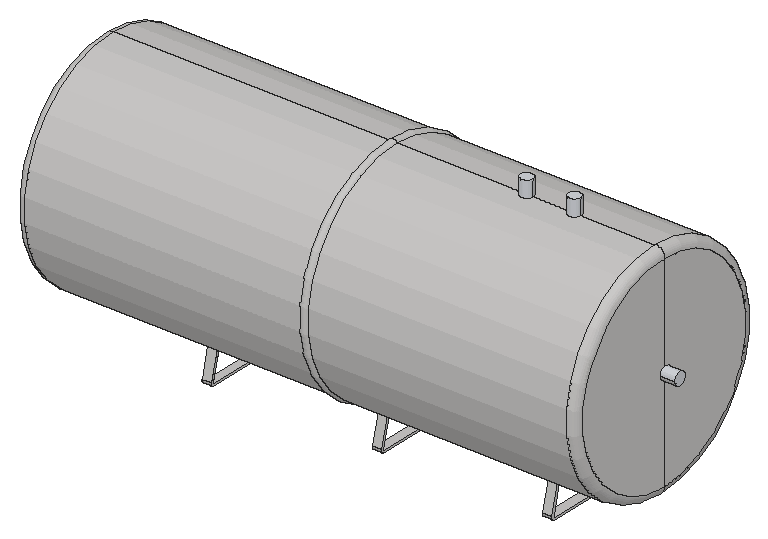
Revit family
Parameters (values of type "1860 X 720 X 870")
  Return Radius = Return Diameter / 2  # 20 mm
  Outlet Pipe Radius = Outlet Pipe Diameter / 2  # 20 mm
  Inlet Pipe Radius = Inlet Pipe Diameter / 2  # 20 mm
  Inlet Pipe Diameter = 40 mm
  Outlet Pipe Diameter = 40 mm
  Return Diameter = 40 mm
  Heater Diameter = 720 mm
  URL = "http://www.autospec.co.za/browse.php?id=1937216687"
  Product Code = "MF450H"
  Operating Pressure = 400 kPa
  OmniClass Title = ""
  OmniClass Number = ""
  Modspec Classification = ""
  Specification = ""
  Material = Galvanised Steel
  Mass = "129 Kg"
  Location (revit room) = ""
  Model = "Water Heater Megaflo Horizontal - 450 Litre"
  Manufacturer = "Kwikot"  # constant formula
  Length = 1860 mm
  Height = 870 mm
  Element Rating = 12 kW
  Cap Material = none
  Colour = none
  Capacity = 450.00 L
  Body Finish = none
  Assembly Code = "D3010500"
Reference planes
  plane 1 "Center (Front/Back)": y = 0
  plane 2 "Bottom": z = 0
  plane 3 "Center (Left/Right)": x = 0
  plane 4 "Right": x = 1860
  plane 5: y = 720
  plane 6 "Top": z = 870
  plane 7: x = 990
  plane 8: x = 1810
  plane 9: y = 360
  plane 10: x = 1540
  plane 11: x = 440
  plane 12: y = 495
  plane 13: y = 225
  plane 14: z = 820
  plane 15: z = 100
  plane 16: z = 460
Forms (mm)
  Revolve 1, solid, material "Galvanised Steel" <- "Material"
    sketch origin (4267.2, 360, 635.249) x (0, 0, 1) y (1, 0, 0)
      loop
        line (-175.249, -4267.2) -> (154.751, -4267.2)
        arc (154.751, -4267.2) -> (175.965, -4258.413) -> (184.751, -4237.2) r 30
        line (184.751, -4237.2) -> (184.751, -3347.2)
        arc (184.751, -3347.2) -> (191.46, -3334.7) -> (184.751, -3322.2) r 15
        line (184.751, -3322.2) -> (184.751, -2487.2)
        arc (184.751, -2487.2) -> (175.965, -2465.987) -> (154.751, -2457.2) r 30
        line (154.751, -2457.2) -> (-175.249, -2457.2) -> (-175.249, -4267.2)
      axis (-175.249, -4267.2) -> (-175.249, -2457.2)
    angle from 0 to 360
  Extrusion 2, solid, material "Galvanised Steel" <- "Material"
    sketch origin (440, -1524, -304.8) x (0, 0, -1) y (0, -1, 0)
      loop
        line (-454.8, -1786.146) -> (-454.8, -1791.322) -> (-316.094, -1754.156)
        arc (-316.094, -1754.156) -> (-311.756, -1755.019) -> (-309.8, -1758.985) r 5
        line (-309.8, -1758.985) -> (-309.8, -2009.015)
        arc (-309.8, -2009.015) -> (-311.756, -2012.981) -> (-316.094, -2013.844) r 5
        line (-316.094, -2013.844) -> (-454.8, -1976.678) -> (-454.8, -1981.854) -> (-317.388, -2018.674)
        arc (-317.388, -2018.674) -> (-308.712, -2016.948) -> (-304.8, -2009.015) r 10
        line (-304.8, -2009.015) -> (-304.8, -1758.985)
        arc (-304.8, -1758.985) -> (-308.712, -1751.052) -> (-317.388, -1749.326) r 10
        line (-317.388, -1749.326) -> (-454.8, -1786.146)
    from -15 to 15
  Extrusion 3, solid, material "Galvanised Steel" <- "Material"
    sketch origin (990, -1524, -304.8) x (0, 0, -1) y (0, -1, 0)
      loop
        line (-454.8, -1786.146) -> (-454.8, -1791.322) -> (-316.094, -1754.156)
        arc (-316.094, -1754.156) -> (-311.756, -1755.019) -> (-309.8, -1758.985) r 5
        line (-309.8, -1758.985) -> (-309.8, -2009.015)
        arc (-309.8, -2009.015) -> (-311.756, -2012.981) -> (-316.094, -2013.844) r 5
        line (-316.094, -2013.844) -> (-454.8, -1976.678) -> (-454.8, -1981.854) -> (-317.388, -2018.674)
        arc (-317.388, -2018.674) -> (-308.712, -2016.948) -> (-304.8, -2009.015) r 10
        line (-304.8, -2009.015) -> (-304.8, -1758.985)
        arc (-304.8, -1758.985) -> (-308.712, -1751.052) -> (-317.388, -1749.326) r 10
        line (-317.388, -1749.326) -> (-454.8, -1786.146)
    from -15 to 15
  Extrusion 4, solid, material "Galvanised Steel" <- "Material"
    sketch origin (1540, -1524, -304.8) x (0, 0, -1) y (0, -1, 0)
      loop
        line (-454.8, -1786.146) -> (-454.8, -1791.322) -> (-316.094, -1754.156)
        arc (-316.094, -1754.156) -> (-311.756, -1755.019) -> (-309.8, -1758.985) r 5
        line (-309.8, -1758.985) -> (-309.8, -2009.015)
        arc (-309.8, -2009.015) -> (-311.756, -2012.981) -> (-316.094, -2013.844) r 5
        line (-316.094, -2013.844) -> (-454.8, -1976.678) -> (-454.8, -1981.854) -> (-317.388, -2018.674)
        arc (-317.388, -2018.674) -> (-308.712, -2016.948) -> (-304.8, -2009.015) r 10
        line (-304.8, -2009.015) -> (-304.8, -1758.985)
        arc (-304.8, -1758.985) -> (-308.712, -1751.052) -> (-317.388, -1749.326) r 10
        line (-317.388, -1749.326) -> (-454.8, -1786.146)
    from -15 to 15
  Extrusion 5, solid
    sketch origin (1810, -399, 1200) x (0, -1, 0) y (0, 0, 1)
      loop
        circle (-759, -740) r 20
    from 0 to -50
  Extrusion 6, solid
    sketch origin (-194.22, -1524, 870) x (-1, 0, 0) y (0, -1, 0)
      loop
        circle (-1714.22, -1884) r 20
    from 0 to -50
  Extrusion 7, solid
    sketch origin (-194.22, -1524, 870) x (-1, 0, 0) y (0, -1, 0)
      loop
        circle (-1559.22, -1884) r 20
    from 0 to -50
  Extrusion 8, solid
    sketch origin (-194.22, -1524, 100) x (-1, 0, 0) y (0, -1, 0)
      loop
        circle (-524.22, -1884) r 20
    from 0 to -40
  Extrusion 9, solid, material "Galvanised Steel"
    sketch origin (0, 0, 0) x (0, 1, 0) y (0, 0, 1)
      loop
        line (450, 350) -> (270, 350)
        arc (270, 350) -> (262.929, 347.071) -> (260, 340) r 10
        line (260, 340) -> (260, 160)
        arc (260, 160) -> (262.929, 152.929) -> (270, 150) r 10
        line (270, 150) -> (450, 150)
        arc (450, 150) -> (457.071, 152.929) -> (460, 160) r 10
        line (460, 160) -> (460, 340)
        arc (460, 340) -> (457.071, 347.071) -> (450, 350) r 10
    from 0 to -5
  Extrusion 10, solid, material "Galvanised Steel"
    sketch origin (0, 0, 0) x (0, 1, 0) y (0, 0, 1)
      loop
        line (645, 560) -> (595, 560) -> (595, 460) -> (645, 460) -> (645, 560)
    from 0 to -100
Cuts and joins
  joined: Revolve 1, Extrusion 2, Extrusion 3, Extrusion 4
Lines and regions (mm)
  symbolic lines
    curve 1: line (-100, 595, 870) -> (0, 595, 870)
    curve 2: line (0, 645, 870) -> (-100, 645, 870)
    curve 4: line (0, 690, 870) -> (0, 30, 870)
    curve 5: line (30, 720, 870) -> (1780, 720, 870)
    curve 6: line (1780, 0, 870) -> (30, 0, 870)
    curve 7: line (1810, 30, 870) -> (1810, 690, 870)
    curve 8: arc (0, 690, 870) -> (8.787, 711.213, 870) -> (30, 720, 870) r 30
    curve 9: arc (1810, 690, 870) -> (1801.213, 711.213, 870) -> (1780, 720, 870) r 30
    curve 10: arc (1780, 0, 870) -> (1801.213, 8.787, 870) -> (1810, 30, 870) r 30
    curve 11: arc (30, 0, 870) -> (8.787, 8.787, 870) -> (0, 30, 870) r 30
    curve 18: line (1860, 340, 870) -> (1860, 380, 870)
    curve 19: line (1860, 380, 870) -> (1810, 380, 870)
    curve 20: line (1860, 340, 870) -> (1810, 340, 870)
    curve 21: line (-100, 645, 870) -> (-100, 595, 870)
  symbolic lines, detail levels fine
    curve 3: line (-5, 460, 870) -> (-5, 260, 870)
    curve 12: arc (310, 360, 870) -> (330, 340, 870) -> (350, 360, 870) r 20
    curve 13: arc (350, 360, 870) -> (330, 380, 870) -> (310, 360, 870) r 20
    curve 14: arc (1345, 360, 870) -> (1365, 340, 870) -> (1385, 360, 870) r 20
    curve 15: arc (1385, 360, 870) -> (1365, 380, 870) -> (1345, 360, 870) r 20
    curve 16: arc (1500, 360, 870) -> (1520, 340, 870) -> (1540, 360, 870) r 20
    curve 17: arc (1540, 360, 870) -> (1520, 380, 870) -> (1500, 360, 870) r 20
    curve 22: line (-5, 460, 870) -> (0, 460, 870)
    curve 23: line (-5, 260, 870) -> (0, 260, 870)
Dimensions and locks
  "Height": plane 6 "Top" to plane 2 "Bottom"
  "Heater Diameter": plane 1 "Center (Front/Back)" to plane 5
  equal spacing: plane 5, plane 9, plane 1 "Center (Front/Back)"
  plane 6 "Top" to plane 14 = 50 mm
  plane 8 to plane 4 "Right" = 50 mm
  "Length": plane 3 "Center (Left/Right)" to plane 4 "Right"
  "Heater Diameter": plane 14 to plane 15
  plane 3 "Center (Left/Right)" to plane 11 = 440 mm
  plane 11 to plane 7 = 550 mm
  plane 7 to plane 10 = 550 mm
  equal spacing: plane 14, plane 16, plane 15
  plane 13 to plane 12 = 270 mm
  equal spacing: plane 13, plane 9, plane 12
  Extrusion 2 sketch curve to plane 15 = 50 mm
  Extrusion 6 sketch curve to plane 8 = 290 mm
  Extrusion 7 sketch curve to plane 8 = 445 mm
  Extrusion 8 sketch curve to plane 11 = 110 mm
  "Return Radius": radius of Extrusion 5 sketch curve
  radius of Extrusion 6 sketch curve = 20 mm
  "Inlet Pipe Radius": radius of Extrusion 8 sketch curve
  "Outlet Pipe Radius": radius of Extrusion 7 sketch curve
  aligned and locked: level to plane 2 "Bottom"
  aligned and locked: plane 16 to Revolve 1 sketch curve  (x2)
  aligned and locked: plane 3 "Center (Left/Right)" to Revolve 1 sketch curve
  aligned and locked: Revolve 1 sketch curve to plane 14
  aligned and locked: plane 8 to Revolve 1 sketch curve
  aligned and locked: Extrusion 2 sketch curve to level
  aligned and locked: plane 16 to Extrusion 5 sketch curve
  aligned and locked: plane 9 to Extrusion 5 sketch curve
  aligned and locked: Extrusion 5 to plane 4 "Right"
  aligned and locked: plane 8 to Extrusion 5
  aligned and locked: plane 9 to Extrusion 6 sketch curve
  aligned and locked: Extrusion 6 to plane 14
  aligned and locked: plane 6 "Top" to Extrusion 6
  aligned and locked: plane 9 to Extrusion 7 sketch curve
  aligned and locked: plane 6 "Top" to Extrusion 7
  aligned and locked: Extrusion 7 to plane 14
  aligned and locked: plane 9 to Extrusion 8 sketch curve
  aligned: Extrusion 8 to plane 2 "Bottom"
  aligned and locked: plane 15 to Extrusion 8
  aligned and locked: plane 16 to Extrusion 10 sketch curve
  aligned and locked: curve 1 to Extrusion 10
  aligned and locked: curve 2 to Extrusion 10
  aligned and locked: curve 3 to Extrusion 9
  aligned and locked: curve 4 to plane 3 "Center (Left/Right)"
  aligned and locked: curve 5 to plane 5
  aligned and locked: curve 6 to plane 1 "Center (Front/Back)"
  aligned and locked: curve 7 to plane 8
  aligned and locked: curve 12 to Extrusion 8
  aligned and locked: curve 13 to Extrusion 8
  aligned and locked: curve 14 to Extrusion 7
  aligned and locked: curve 15 to Extrusion 7
  aligned and locked: curve 16 to Extrusion 6
  aligned and locked: curve 17 to Extrusion 6
  aligned and locked: curve 18 to Extrusion 5
  aligned and locked: curve 21 to Extrusion 10
  aligned and locked: curve 22 to Extrusion 9
  aligned and locked: curve 23 to Extrusion 9
Automatic sketch dimensions
  Extrusion 2 sketch curve to Extrusion 2 sketch curve = 0 mm  (x4)
  plane 15 to Extrusion 2 sketch curve = 50 mm
  Extrusion 2 sketch curve to plane 12 = 0.326 mm
  level to Extrusion 2 sketch curve = 12.588 mm  (x2)
  plane 13 to Extrusion 2 sketch curve = 0.326 mm
  Extrusion 2 sketch curve to Extrusion 2 sketch curve = 1.294 mm  (x4)
  Extrusion 2 sketch curve to Extrusion 2 sketch curve = 5 mm
  Extrusion 2 sketch curve to plane 12 = 37.146 mm
  Extrusion 2 sketch curve to Extrusion 2 sketch curve = 5.176 mm  (x2)
  plane 13 to Extrusion 2 sketch curve = 42.322 mm
  Extrusion 3 sketch curve to Extrusion 3 sketch curve = 0 mm  (x4)
  Extrusion 3 sketch curve to level = 0 mm
  level to Extrusion 3 sketch curve = 5 mm
  Extrusion 3 sketch curve to Extrusion 3 sketch curve = 5 mm  (x2)
  Extrusion 3 sketch curve to Extrusion 3 sketch curve = 1.294 mm  (x3)
  Extrusion 3 sketch curve to plane 12 = 5.156 mm
  plane 13 to Extrusion 3 sketch curve = 0.326 mm
  Extrusion 3 sketch curve to plane 12 = 0.326 mm
  plane 15 to Extrusion 3 sketch curve = 50 mm  (x2)
  Extrusion 3 sketch curve to plane 12 = 37.146 mm
  Extrusion 3 sketch curve to Extrusion 3 sketch curve = 5.176 mm  (x2)
  plane 13 to Extrusion 3 sketch curve = 42.322 mm
  Extrusion 4 sketch curve to Extrusion 4 sketch curve = 0 mm  (x4)
  Extrusion 4 sketch curve to level = 0 mm
  level to Extrusion 4 sketch curve = 5 mm
  Extrusion 4 sketch curve to Extrusion 4 sketch curve = 5 mm  (x2)
  Extrusion 4 sketch curve to Extrusion 4 sketch curve = 1.294 mm  (x3)
  Extrusion 4 sketch curve to plane 12 = 5.156 mm
  plane 13 to Extrusion 4 sketch curve = 0.326 mm
  Extrusion 4 sketch curve to plane 12 = 0.326 mm
  plane 15 to Extrusion 4 sketch curve = 50 mm  (x2)
  Extrusion 4 sketch curve to plane 12 = 37.146 mm
  Extrusion 4 sketch curve to Extrusion 4 sketch curve = 5.176 mm  (x2)
  plane 13 to Extrusion 4 sketch curve = 42.322 mm
  plane 13 to Extrusion 9 sketch curve = 35 mm
  Extrusion 9 sketch curve to Extrusion 9 sketch curve = 10 mm  (x3)
  Extrusion 9 sketch curve to plane 12 = 45 mm  (x2)
  plane 15 to Extrusion 9 sketch curve = 50 mm
  Extrusion 9 sketch curve to plane 16 = 120 mm
  plane 12 to Extrusion 10 sketch curve = 100 mm
  Extrusion 10 sketch curve to Extrusion 10 sketch curve = 50 mm
  plane 16 to Extrusion 10 sketch curve = 100 mm
  Revolve 1 sketch curve to plane 14 = 0 mm
  Revolve 1 sketch curve to plane 14 = 30 mm  (x2)
  Revolve 1 sketch curve to plane 14 = 8.292 mm
  Revolve 1 sketch curve to plane 3 "Center (Left/Right)" = 60 mm
  plane 7 to Revolve 1 sketch curve = 70 mm
  Revolve 1 sketch curve to plane 4 "Right" = 100 mm
  Revolve 1 sketch curve to Revolve 1 sketch curve = 12.5 mm
  curve 19 to plane 4 "Right" = 0 mm
  plane 8 to curve 10 = 30 mm
  plane 8 to curve 9 = 30 mm
  plane 3 "Center (Left/Right)" to curve 5 = 30 mm
  plane 3 "Center (Left/Right)" to curve 6 = 30 mm
  curve 22 to curve 3 = 5 mm
  curve 2 to plane 3 "Center (Left/Right)" = 100 mm
  curve 4 to curve 2 = 45 mm
  curve 2 to curve 1 = 50 mm
  plane 9 to curve 19 = 20 mm
  curve 18 to plane 9 = 20 mm
Connectors
  piping at (330, 360, 60), driven by "Inlet Pipe Radius"
    settings: on Extrusion 8, index 1, connector radius 20 mm, flow factor 0, pipe flow 0.0 L/s, pressure drop 0 kPa, fitting loss kfactor 0, connector angle 0.00°, fixture units 0, flow configuration 2, flow direction 1, fitting loss method 4, system type 20, connector reference index -1, connector utility 0, adjustable connector no, is connector primary yes, fitting loss table "", connector description "Inlet Connection"
  electrical at (-100, 620, 510), driven by "Element Rating"
    settings: on Extrusion 10, index 2, voltage 0 V, apparent load 12 kW, apparent load phase1 0 kW, apparent load phase2 0 kW, apparent load phase3 0 kW, power factor 1, load classification "Other", number of poles 1, system type 30, power factor state 1, is connector primary yes, connector utility no, sub classification motor no, connector description "Electrical Connection"
  piping at (1365, 360, 870), driven by "Outlet Pipe Radius"
    settings: on Extrusion 7, index 3, connector radius 20 mm, flow factor 0, pipe flow 0.0 L/s, pressure drop 0 kPa, fitting loss kfactor 0, connector angle 0.00°, fixture units 0, flow configuration 2, flow direction 2, fitting loss method 4, system type 19, connector reference index -1, connector utility 0, adjustable connector no, is connector primary no, fitting loss table "", connector description "Outlet Connection"
  piping at (1860, 360, 460), driven by "Return Radius"
    settings: on Extrusion 5, index 4, connector radius 20 mm, flow factor 0, pipe flow 0.0 L/s, pressure drop 0 kPa, fitting loss kfactor 0, connector angle 0.00°, fixture units 0, flow configuration 2, flow direction 2, fitting loss method 4, system type 8, connector reference index -1, connector utility 0, adjustable connector no, is connector primary no, fitting loss table "", connector description "Return Connection"
